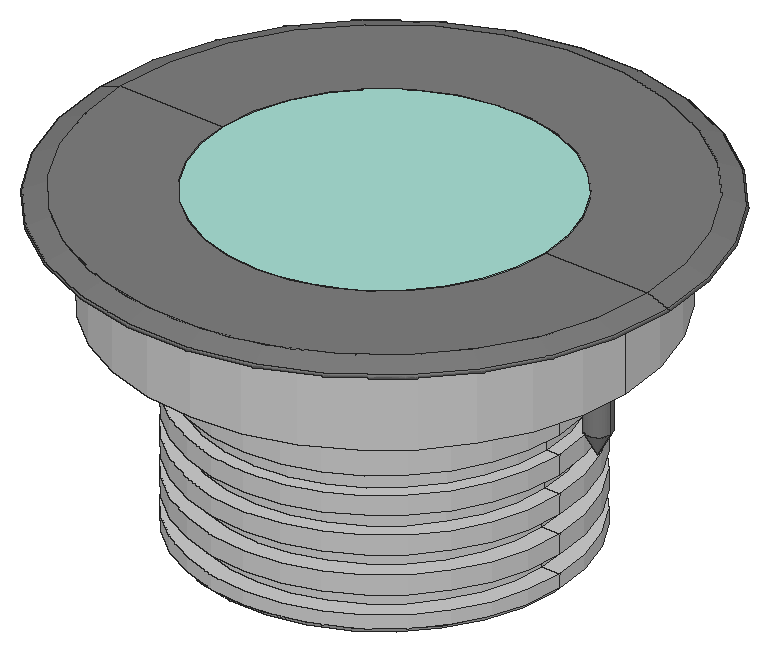
Revit family "Bright 3.F", category Lighting Fixtures, host Face, Revit 2017
Family settings
  Host = Face
  Round Connector Dimension = Use Diameter
  Part Type = Normal
  Cut with Voids When Loaded = Yes
  Light Source = Yes
  Shared = No
  Room Calculation Point = Yes
Parameters (values of type "Bright 3.F D (3000K 10W 24Vdc)")
  Wiring = "parallel"
  Width mm = 112 mm
  Weight kg = "0.78 kg"
  Wattage = 6.05889 W
  built-in parameter 1150110 = 1 (stored number, unit not read)
  Voltage = 24 V
  URL Accessories and power supply units = "https://www.lucelight.it/en/prodotto.php/119888#a-scheda-accessori"
  URL = "https://www.lucelight.it/en/prodotto.php/119888"
  built-in parameter 1114217 = 1 (stored number, unit not read)
  Tiltable = "-"
  URL Technical sheet = "https://www.lucelight.it/media/prodotti/st/ST_BRIGHT_3F.pdf"
  URL Image = "https://www.lucelight.it/media/prodotti/foto/bright_3.f_still.jpg"
  URL IES Photometric file = "https://www.lucelight.it/media/prodotti/fotometrie/bright_3.f_ies.zip"
  URL General code = "https://www.lucelight.it/en/prodotto.php/119888#a-generacodice"
  URL Description = "https://www.lucelight.it/en/capitolato.php/119888"
  URL DXF = "https://www.lucelight.it/media/prodotti/dxf/bright_3.f.dxf"
  URL Catalogue = "https://www.lucelight.it/media/prodotti/brochure/bright_3_brochure_en.pdf"
  Trim = L&L_Steel inox AISI 316L
  Tilt Angle = 90.00°
  built-in parameter 1150109 = 1 (stored number, unit not read)
  built-in parameter 1150134 = (empty or 0)
  built-in parameter 1150113 = 1 (stored number, unit not read)
  Radius Void = 50 mm
  Power supply unit = "not included"
  Power supply = "24Vdc"
  Power cables = "includes 1,50 m neoprene cable, H05RN-F 2x0,75/0,75 Ø6,3 mm"
  Power Supply = L&L_Steel inox AISI 316L
  Power = "10W"
  Photometric Web File = "BRIGHT 3.F D [3000K 10W 24Vdc].IES"
  Optics = "D"
  Notes = "-"
  No. and type of led = "1 high power density COB LED, 3-step MacAdam, 50 000h L95 B10 (Ta 25°C)"
  Mounting = "recessed (ceiling, wall, floor)"
  Model = "Bright 3.F"
  Material = "body in anodized aluminium, trim in AISI 316L stainless steel, screen in tempered, serigraphed-grey and transparent extra-clear glass"
  Manufacturer = "L&L Luce&Light"
  built-in parameter 1150105 = 71.62 (stored number, unit not read)
  Lumens = 900 lm
  built-in parameter 1150115 = 1 (stored number, unit not read)
  Lumen output at source = "900 lm (3000K, 10W, CRI 90), 1485 lm (3000K, 13W, CRI 80), 1200 lm (3000K, 13W, CRI 90), 1115 lm (3000K, 10W, CRI 80)"
  built-in parameter 1150137 = (empty or 0)
  built-in parameter 1150139 = (empty or 0)
  Lens = L&L_Tempered extra-clear glass
  Length mm = 112 mm
  built-in parameter 1150112 = 1 (stored number, unit not read)
  built-in parameter 1150114 = 1 (stored number, unit not read)
  LED Colour = "3000K (also available: 2700K and 4000K - ref. URL Technical sheet)"
  built-in parameter 1150132 = 2
  built-in parameter 1150102 = (empty or 0)
  built-in parameter 1150107 = 3000 (stored number, unit not read)
  built-in parameter 1150138 = (empty or 0)
  built-in parameter 1150106 = 0.7162 (stored number, unit not read)
  IP = "IP68, IP69K"
  Height mm = 75 mm
  Height Void = 80 mm
  Geometry = Bright 3.F_mod : Bright 3.F_mod
  Features = "16°x69° optics adjustable through 360° using the magnet provided"
  Energy efficiency class = "A A+ A++"
  Emit from Line Length = 609.6 mm
  built-in parameter 1150104 = 13.8 (stored number, unit not read)
  Dimming Lamp Color Temperature Shift = <None>
  Description = "recessed for outdoor applications"
  Delivered lumen output = "911 lm (3000K, 55°, 13W, CRI 90), 845 lm (3000K, 55°, 10W, CRI 80), 759 lm (3000K, 55°, 10W, CRI 90), 1125 lm (3000K, 55°, 13W, CRI 80)"
  Default Elevation = 1219.2 mm
  Cutout dimensions = "diam. 96 mm"
  Control system = "-"
  Contact = "T: +39 0444 360571; E: lucelight@lucelight.it"
  Company = "L&L Luce&Light"
  Color Filter = 16777215
  Code = "-"
  CRI = "90 (also available: CRI 80 - ref. URL Technical sheet)"
  Body = L&L_Anodized aluminium
  built-in parameter 1114218 = 1 (stored number, unit not read)
  built-in parameter 1150133 = 10 (stored number, unit not read)
  Apparent Load Phase 1 = 10 W
  Apparent Load = 0 VA
Types (14, lengths in mm): name | Wattage | Power | Photometric Web File | Optics | built-in parameter 1150105 | Lumens | built-in parameter 1150106 | Apparent Load Phase 1
  Bright 3.F D (3000K 10W 24Vdc) | 6.05889 W | "10W" | "BRIGHT 3.F D [3000K 10W 24Vdc].IES" | "D" | 71.62 (stored number, unit not read) | 900 lm | 0.7162 (stored number, unit not read) | 10 W
  Bright 3.F K 55° (3000K 10W 24Vdc) | 6.05889 W | "10W" | "BRIGHT 3.F K 55° [3000K 10W 24Vdc].IES" | "55°" | 71.62 (stored number, unit not read) | 900 lm | 0.7162 (stored number, unit not read) | 10 W
  Bright 3.F L 38° (3000K 10W 24Vdc) | 6.05889 W | "10W" | "BRIGHT 3.F L 38° [3000K 10W 24Vdc].IES" | "38°" | 71.62 (stored number, unit not read) | 900 lm | 0.7162 (stored number, unit not read) | 10 W
  Bright 3.F P 58° (3000K 10W 24Vdc) | 6.05889 W | "10W" | "BRIGHT 3.F P (58°) [3000K 10W 24Vdc].IES" | "58°" | 71.62 (stored number, unit not read) | 900 lm | 0.7162 (stored number, unit not read) | 10 W
  Bright 3.F S 16° (3000K 10W 24Vdc) | 6.05889 W | "10W" | "BRIGHT 3.F S 16° [3000K 10W 24Vdc].IES" | "16°" | 71.62 (stored number, unit not read) | 900 lm | 0.7162 (stored number, unit not read) | 10 W
  Bright 3.F W 16°x69° magnet (3000K 10W 24Vdc) | 6.05889 W | "10W" | "BRIGHT 3.F W 16°x69° magnet [3000K 10W 24Vdc].IES" | "16°x69° adjustable through 360°" | 71.62 (stored number, unit not read) | 900 lm | 0.7162 (stored number, unit not read) | 10 W
  Bright 3.F D (3000K 13W 24Vdc) | 8.07853 W | "13W" | "BRIGHT 3.F D [3000K 13W 24Vdc].IES" | "D" | 660.45 (stored number, unit not read) | 1200 lm | 6.6045 (stored number, unit not read) | 13 W
  Bright 3.F K 55° (3000K 13W 24Vdc) | 8.07853 W | "13W" | "BRIGHT 3.F K 55° [3000K 13W 24Vdc].IES" | "55°" | 660.45 (stored number, unit not read) | 1200 lm | 6.6045 (stored number, unit not read) | 13 W
  Bright 3.F L 38° (3000K 13W 24Vdc) | 8.07853 W | "13W" | "BRIGHT 3.F L 38° [3000K 13W 24Vdc].IES" | "38°" | 660.45 (stored number, unit not read) | 1200 lm | 6.6045 (stored number, unit not read) | 13 W
  Bright 3.F M 21° (3000K 13W 24Vdc) | 8.07853 W | "13W" | "BRIGHT 3.F M 21° [3000K 13W 24Vdc].IES" | "21°" | 660.45 (stored number, unit not read) | 1200 lm | 6.6045 (stored number, unit not read) | 13 W
  Bright 3.F P 58° (3000K 13W 24Vdc) | 8.07853 W | "13W" | "BRIGHT 3.F P (58°) [3000K 13W 24Vdc].IES" | "58°" | 660.45 (stored number, unit not read) | 1200 lm | 6.6045 (stored number, unit not read) | 13 W
  Bright 3.F S 16° (3000K 13W 24Vdc) | 8.07853 W | "13W" | "BRIGHT 3.F S 16° [3000K 13W 24Vdc].IES" | "16°" | 660.45 (stored number, unit not read) | 1200 lm | 6.6045 (stored number, unit not read) | 13 W
  Bright 3.F W 16°x69° magnet (3000K 13W 24Vdc) | 8.07853 W | "13W" | "BRIGHT 3.F W 16°x69° magnet [3000K 13W 24Vdc].IES" | "16°x69° adjustable through 360°" | 660.45 (stored number, unit not read) | 1200 lm | 6.6045 (stored number, unit not read) | 13 W
  Bright 3.F M 21° (3000K 10W 24Vdc) | 6.05889 W | "10W" | "BRIGHT 3.F M 21° [3000K 10W 24Vdc].IES" | "21°" | 4834.8 (stored number, unit not read) | 900 lm | 48.348 (stored number, unit not read) | 10 W
Reference planes
  plane 1 "Center (Front/Back)": y = 0
  plane 2: z = 0
  plane 3 "Center (Left/Right)": x = 0
  plane 4: z = -80
Forms (mm)
  Extrusion 1, void
    sketch origin (0, 0, 0) x (1, 0, 0) y (0, 1, 0)
      loop
        circle (0, 0) r 50
    from -80 to 0
Dimensions and locks
  "Height Void": plane 4 to plane 2
  "Radius Void": radius of Extrusion 1 sketch curve
  aligned and locked: plane 2 to host face
  aligned and locked: level to host face
  aligned and locked: Extrusion 1 to plane 4
  aligned and locked: plane 2 to Extrusion 1
Automatic sketch dimensions
  host sketch curve to host sketch curve = 2438.4 mm  (x2)
  plane 1 "Center (Front/Back)" to Extrusion 1 sketch curve = 0 mm
  Extrusion 1 sketch curve to plane 3 "Center (Left/Right)" = 0 mm
Nested families
  nested 1: "Bright 3.F_mod" at (0, 0, 0), type <- "Geometry", type "Bright 3.F_mod"
Connectors
  electrical at (0, 0, 0), driven by "Apparent Load Phase 1", driven by "Voltage"
    settings: index 1, voltage 24 V, apparent load 0 VA, apparent load phase1 10 VA, apparent load phase2 0 VA, apparent load phase3 0 VA, power factor 1, load classification "Lighting", number of poles 1, system type 31, power factor state 1, is connector primary yes, connector utility no, sub classification motor no, connector description ""
Definition of nested family "Bright 3.F_mod"
  Parameters (values of type "Bright 3.F_mod")
    Trim = none
    Power Supply = none
    Lens = none
    Default Elevation = 1219.2 mm
    Body = none
  Reference planes
    plane 1 "Light Source Axis (F/B)": y = 0
    plane 2: z = 0
    plane 3 "Light Source Axis (L/R)": x = 0
    plane 4 "Light Source Elevation": z = 2
    plane 5: y = 157.034
    plane 6: y = -148.878
    plane 7: x = 247.695
    plane 8: x = -242.358
    plane 9: z = -73
    plane 10: z = -17.2
    plane 11: x = -34.5
    plane 12: x = 34.5
  Forms (mm)
    Extrusion 1, solid, material <- "Body", detail levels coarse
      sketch origin (0, 0, 0) x (1, 0, 0) y (0, 1, 0)
        loop
          circle (0, 0) r 56
      from -73 to 2
    Extrusion 2, solid, material <- "Body", detail levels medium
      sketch origin (0, 0, 0) x (1, 0, 0) y (0, 1, 0)
        loop
          circle (0, 0) r 34.5
      from -17.2 to -73
    Extrusion 3, solid, material <- "Trim", detail levels medium
      sketch origin (0, 0, 0) x (1, 0, 0) y (0, 1, 0)
        loop
          circle (0, 0) r 55.9
        loop
          circle (0, 0) r 31.675
      from 2 to -17.2
    Extrusion 4, solid, material <- "Lens", detail levels medium+fine
      sketch origin (0, 0, 0) x (1, 0, 0) y (0, 1, 0)
        loop
          circle (0, 0) r 31.675
      from 0 to 2
    Revolve 5, solid, material <- "Body", detail levels fine
      sketch origin (0, 0, 0) x (1, 0, 0) y (0, 0, 1)
        loop
          line (47.5, -17.2) -> (47.5, 0) -> (0, 0) -> (0, -17.2) -> (47.5, -17.2)
        axis (0, 0) -> (0, -17.2)
      angle from 0 to 360
    Revolve 6, solid, material <- "Body", detail levels fine
      sketch origin (0, 0, 0) x (1, 0, 0) y (0, 0, 1)
        loop
          line (34.5, -17.2) -> (0, -17.2) -> (0, -57) -> (33.5, -57) -> (34.5, -56) -> (34.5, -53.5) -> (31, -53.5) -> (31, -50) -> (34.5, -50) -> (34.5, -46.5) -> (31, -46.5) -> (31, -43) -> (34.5, -43) -> (34.5, -39.5) -> (31.5, -39.5) -> (31.5, -36) -> (34.5, -36) -> (34.5, -32.5) -> (32, -32.5) -> (32, -29) -> (34.5, -29) -> (34.5, -17.2)
        axis (0, -57) -> (0, -17.2)
      angle from 0 to 360
    Revolve 7, solid, material <- "Trim", detail levels fine
      sketch origin (0, 0, 0) x (1, 0, 0) y (0, 0, 1)
        loop
          line (31.675, 2) -> (31.675, 0) -> (55.523, 0)
          arc (55.523, 0) -> (55.886, 0.2) -> (55.702, 0.572) r 0.3
          line (55.702, 0.572) -> (51.779, 2) -> (31.675, 2)
        axis (0, 0) -> (0, 2)
      angle from 0 to 360
    Revolve 8, solid, material <- "Power Supply", detail levels fine
      sketch origin (0, 0, 0) x (1, 0, 0) y (0, 0, 1)
        loop
          line (44.4, -25.601) -> (44.4, -17.2) -> (42, -17.2) -> (42, -30) -> (44.4, -25.601)
        axis (42, -17.2) -> (42, -30)
      angle from 0 to 360
    Revolve 9, solid, material <- "Power Supply", detail levels fine
      sketch origin (-84, 0, 0) x (1, 0, 0) y (0, 0, 1)
        loop
          line (44.4, -25.601) -> (44.4, -17.2) -> (42, -17.2) -> (42, -30) -> (44.4, -25.601)
        axis (42, -17.2) -> (42, -30)
      angle from 0 to 360
  Dimensions and locks
    level to plane 4 "Light Source Elevation" = 2 mm
    plane 9 to plane 4 "Light Source Elevation" = 75 mm
    plane 10 to plane 4 "Light Source Elevation" = 19.2 mm
    aligned and locked: level to plane 2
    aligned and locked: Extrusion 1 to plane 4 "Light Source Elevation"
    aligned and locked: Extrusion 1 to plane 9
    aligned and locked: Extrusion 2 to plane 9
    aligned and locked: Extrusion 3 to plane 4 "Light Source Elevation"
    aligned and locked: Extrusion 3 to plane 10
    aligned and locked: plane 10 to Extrusion 2
    aligned and locked: Extrusion 4 to level
    aligned and locked: Extrusion 4 to plane 4 "Light Source Elevation"
  Nested families
    nested 1: "Power supply" at (0, 22.677, -57), type "Power supply", detail levels fine
  Definition of nested family "Power supply"
    Parameters (values of type "Power supply")
      Power supply = none
      Default Elevation = 1219.2 mm
    Reference planes
      plane 1 "Light Source Axis (F/B)": y = 0
      plane 2: z = 0
      plane 3 "Light Source Axis (L/R)": x = 0
      plane 4 "Light Source Elevation": z = 1500
    Forms (mm)
      Extrusion 1, solid, material <- "Power supply"
        sketch origin (36.054, -14.716, -19.543) x (1, 0, 0) y (0, 1, 0)
          loop
            circle (-36.054, 14.716) r 6
        from 13.043 to 16.043
      Extrusion 2, solid, material <- "Power supply"
        sketch origin (33.254, -14.716, -12.98) x (1, 0, 0) y (0, 1, 0)
          loop
            line (-33.254, 22.466) -> (-38.734, 20.196) -> (-41.004, 14.716) -> (-38.734, 9.236) -> (-33.254, 6.966) -> (-27.774, 9.236) -> (-25.504, 14.716) -> (-27.774, 20.196) -> (-33.254, 22.466)
        from 9.48 to 12.98
      Extrusion 3, solid, material <- "Power supply"
        sketch origin (33.254, -14.716, -21.238) x (1, 0, 0) y (0, 1, 0)
          loop
            line (-33.254, 22.466) -> (-38.734, 20.196) -> (-41.004, 14.716) -> (-38.734, 9.236) -> (-33.254, 6.966) -> (-27.774, 9.236) -> (-25.504, 14.716) -> (-27.774, 20.196) -> (-33.254, 22.466)
        from 9.238 to 14.738
      Revolve 4, solid, material <- "Power supply"
        sketch origin (0, 0, 0) x (1, 0, 0) y (0, 0, 1)
          loop
            line (6.964, -12) -> (0, -12) -> (0, -16) -> (3.5, -16)
            arc (3.5, -16) -> (6.146, -14.791) -> (6.964, -12) r 3.5
          axis (0, -16) -> (0, -12)
        angle from 0 to 360
    Dimensions and locks
      aligned and locked: level to plane 2
